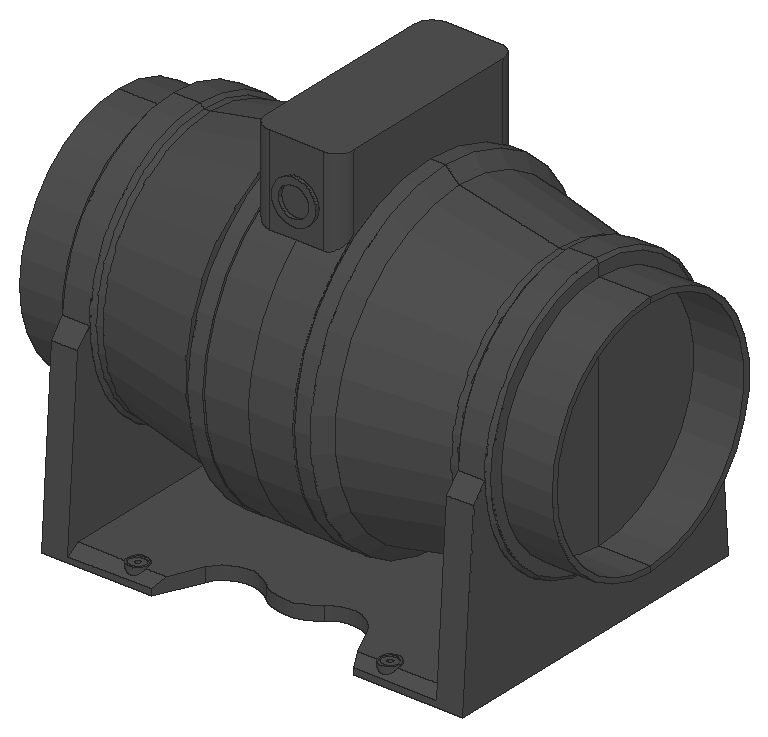
Revit family "Reece_Accessory_Kado_Lux_HiFlow_Inline Exhaust System_Round_Inline Exhaust Fan", category Mechanical Equipment, Revit 2018
Family settings
  Round Connector Dimension = Use Diameter
  Classification = None
  Part Type = Normal
  Work Plane-Based = Yes
  Always vertical = No
  Cut with Voids When Loaded = No
  Shared = Yes
  Room Calculation Point = Yes
Parameters (values of type "270 mm x 270 mm_Matte Black")
  URL = "https://www.reece.com.au/product/-2020367"
  Type Comments = "Accessory"
  Reece_Product_Web Page = "https://www.reece.com.au/product/-2020367"
  Reece_Product_Type = "Accessory"  # constant formula
  Reece_Product_Sub Brand = "Lux"  # constant formula
  Reece_Product_Number = "2020367 (2of3)"
  Reece_Product_Mount = "Ceiling Mounted"  # constant formula
  Reece_Product_Description = "Kado Lux HiFlow Inline Exhaust System Round Matte Black"
  Reece_Product_Brand = "Kado"  # constant formula
  Reece_Overall_Width = 195 mm  # constant formula
  Reece_Overall_Length = 314 mm  # constant formula
  Reece_Overall_Height = 247 mm  # constant formula
  Reece_Mechanical_Max Airflow [instance] = if(Reece_Mechanical_Airflow < Min Flow, Min Flow, if(Reece_Mechanical_Airflow > Max Flow, Max Flow, Reece_Mechanical_Airflow))  # 561.0 m³/h
  Reece_Mechanical_Duct_Diameter = 150 mm  # constant formula
  Reece_Mechanical_Airflow [instance] = 561.0 m³/h
  Reece_Material_Main = Reece_Plastic_ABS_Black
  Reece_Height_From_Level [instance] = 2500 mm
  Reece_Electrical_Voltage_Min = 220 V  # constant formula
  Reece_Electrical_Voltage_Max = 240 V  # constant formula
  Reece_Electrical_Voltage = 240 V  # constant formula
  Reece_Electrical_Frequency = 50 Hz  # constant formula
  Reece_Electrical_Fan Power_Wattage = 50 W  # constant formula
  Reece_Detail_Note = "Electrical input required. Refer to web page for further details."  # constant formula
  Reece_Detail_Installation = "LED Inline Exhaust System"  # constant formula
  Reece_Detail_Connector = "Plug in (Plug & Lead included)"  # constant formula
  Reece_Detail_Additional = "HiFlow"  # constant formula
  Model = "Lux"
  Min Flow = 438.0 m³/h  # constant formula
  Max Flow = 561.0 m³/h  # constant formula
  Manufacturer = "Kado"
  Keynote = "Product #2020367 (2of3), Reece_Accessory_Kado_Lux_HiFlow_Inline Exhaust System_Round_Inline Exhaust Fan - Matte Black"
  Disclaimer = "THIS FILE IS THE PROPERTY OF THE REECE GROUP. IT MAY NOT BE REPRODUCED, REVERSE-ENGINEERED OR MODIFIED. ANY REPUBLICATION, TRANSMISSION OR DISTRIBUTION FOR THE PURPOSE OF COMMERCIALLY EXPLOITING THE FILES IS PROHIBITED."
  Description = "Kado Lux HiFlow Inline Exhaust System Round Matte Black"
  Default Elevation = 0 mm
Types (2, lengths in mm): name | URL | Reece_Product_Web Page | Reece_Product_Number | Reece_Product_Description | Keynote | Description
  270 mm x 270 mm_Matte Black | "https://www.reece.com.au/product/-2020367" | "https://www.reece.com.au/product/-2020367" | "2020367 (2of3)" | "Kado Lux HiFlow Inline Exhaust System Round Matte Black" | "Product #2020367 (2of3), Reece_Accessory_Kado_Lux_HiFlow_Inline Exhaust System_Round_Inline Exhaust Fan - Matte Black" | "Kado Lux HiFlow Inline Exhaust System Round Matte Black"
  270 mm x 270 mm_Matte White | "https://www.reece.com.au/product/-2020368" | "https://www.reece.com.au/product/-2020368" | "2020368 (2of3)" | "Kado Lux HiFlow Inline Exhaust System Round Matte White" | "Product #2020368 (2of3), Reece_Accessory_Kado_Lux_HiFlow_Inline Exhaust System_Round_Inline Exhaust Fan - Matte White" | "Kado Lux HiFlow Inline Exhaust System Round Matte White"
Reference planes
  plane 1 "Center (Front/Back)": y = 0
  plane 2 "Bottom Host Plane": z = 2500
  plane 3 "Center (Left/Right)": x = 0
  plane 4: z = 2747
  plane 5: x = 157
  plane 6: x = -157
  plane 7: x = 126.5
  plane 8: x = -126.5
  plane 9: y = -72.5
  plane 10: y = 72.5
  plane 11: y = 97.5
  plane 12: y = -97.5
  plane 13: z = 2691
  plane 14: z = 2546
  plane 15: z = 0
  plane 16: y = 89
  plane 17: y = -89
Text (mm)
  text "Reece ©" at (2362.359, -1598.326, 4056.127), in view "Reece Preview"
  text "Reece Copyright © 2018, Reece Ltd." at (294.551, -148.536, 0), in view "Ref. Level"
Dimensions and locks
  "Reece_Overall_Height": plane 4 to plane 2 "Bottom Host Plane"
  plane 5 to plane 6 = 314 mm
  plane 7 to plane 8 = 253 mm
  "Reece_Overall_Width": plane 12 to plane 11
  "Reece_Overall_Length": plane 6 to plane 5
  plane 8 to plane 7 = 253 mm
  locked: plane 13 to plane 14 at 145
  "Reece_Height_From_Level": plane 2 "Bottom Host Plane" to level
  nested 1 to nested 1 = 149 mm
  locked: plane 2 "Bottom Host Plane" to plane 14 at 46
  locked: plane 16 to plane 17 at 178
Nested families
  nested 1: "Reece_Inline Exhaust Fan" at (0, 0, 2500), Reece_Material_Main <- "Reece_Material_Main", type "Reece_Inline Exhaust Fan"
    with Reece_Material_Main Reece_Plastic_ABS_Black
Connectors
  hvac at (-126.5, 0, 2618.5), driven by "Reece_Mechanical_Duct_Diameter", driven by "Reece_Mechanical_Max Airflow"
    settings: on nested 1, index 8, duct flow 561.0 m³/h, flow factor 0, pres drop 0.0 Pa, loss coef 0, conn angle 0.00°, conn width 304.8 mm, conn height 304.8 mm, conn diameter 150 mm, duct sys type 3, conn prof type 0, flow config 0, flow direction 1, loss method 0, conn ref index -1, conn util no, is conn primary yes, conn desc "In"
  electrical at (0, -65, 2715.417), driven by "Reece_Electrical_Voltage"
    settings: on nested 1, index 9, voltage 240 V, apparent load 0 VA, apparent load phase1 0 VA, apparent load phase2 0 VA, apparent load phase3 0 VA, power factor 1, load classification "HVAC", number of poles 1, system type 30, power factor state 1, is connector primary yes, connector utility no, sub classification motor no, connector description ""
  hvac at (126.5, 0, 2618.5), driven by "Reece_Mechanical_Duct_Diameter", driven by "Reece_Mechanical_Max Airflow"
    settings: on nested 1, index 10, duct flow 561.0 m³/h, flow factor 0, pres drop 0.0 Pa, loss coef 0, conn angle 0.00°, conn width 304.8 mm, conn height 304.8 mm, conn diameter 150 mm, duct sys type 3, conn prof type 0, flow config 1, flow direction 2, loss method 0, conn ref index -1, conn util no, is conn primary no, conn desc "Out"
Definition of nested family "Reece_Inline Exhaust Fan"
  Parameters (values of type "Reece_Accessory_Kado_Lux_HiFlow_LED Inline Exhaust System_Square_Inline Fan_Nested")
    URL = ""
    Type Comments = ""
    Reece_Material_Main [instance] = none
    Model = ""
    Manufacturer = ""
    Keynote = ""
    Description = ""
    Default Elevation = 0 mm
    Cost = 0
    Assembly Code = ""
  Reference planes
    plane 1 "Center (Front/Back)": y = 0
    plane 2 "Bottom Host Plane": z = 0
    plane 3 "Center (Left/Right)": x = 0
    plane 4: z = 247
    plane 5: x = 157
    plane 6: x = -157
    plane 7: x = 126.5
    plane 8: x = -126.5
    plane 9: y = -72.5
    plane 10: y = 72.5
    plane 11: y = 97.5
    plane 12: y = -97.5
    plane 13: z = 191
    plane 14: z = 46
    plane 15: x = -74.5
    plane 16: x = 74.5
    plane 17: y = 89
    plane 18: y = -89
  Forms (mm)
    Revolve 1, solid, material <- "Reece_Material_Main"
      sketch origin (0, 0, 118.5) x (1, 0, 0) y (0, 0, 1)
        loop
          line (-157, 69.5) -> (-126.5, 69.5) -> (-126.5, 0) -> (126.5, 0) -> (126.5, 69.5) -> (157, 69.5) -> (157, 72.5) -> (126.5, 72.5) -> (126.5, 79.5) -> (124.379, 81.621) -> (108.879, 81.621) -> (106.757, 79.5) -> (102.757, 79.5) -> (44.069, 91.975) -> (36.047, 99.996) -> (26.997, 99.996) -> (26.997, 98.996) -> (25.997, 98.996) -> (25.997, 99.996) -> (0, 99.996) -> (-25.997, 99.996) -> (-25.997, 98.996) -> (-26.997, 98.996) -> (-26.997, 99.996) -> (-36.047, 99.996) -> (-44.069, 91.975) -> (-102.757, 79.5) -> (-106.757, 79.5) -> (-108.879, 81.621) -> (-124.379, 81.621) -> (-126.5, 79.5) -> (-126.5, 72.5) -> (-157, 72.5) -> (-157, 69.5)
        axis (157, 0) -> (-157, 0)
      angle from 0 to 360
    Extrusion 2, solid, material <- "Reece_Material_Main"
      sketch origin (0, 0, 0) x (1, 0, 0) y (0, 1, 0)
        loop
          arc (-15.997, 65) -> (-23.069, 62.071) -> (-25.997, 55) r 10
          line (-25.997, 55) -> (-25.997, -55)
          arc (-25.997, -55) -> (-23.069, -62.071) -> (-15.997, -65) r 10
          line (-15.997, -65) -> (15.997, -65)
          arc (15.997, -65) -> (23.069, -62.071) -> (25.997, -55) r 10
          line (25.997, -55) -> (25.997, 55)
          arc (25.997, 55) -> (23.069, 62.071) -> (15.997, 65) r 10
          line (15.997, 65) -> (-15.997, 65)
      from 150 to 247
    Extrusion 3, solid, material <- "Reece_Material_Main"
      sketch origin (0, 0, 121.875) x (1, 0, 0) y (0, 0, 1)
        loop
          circle (0, 93.542) r 13
        loop
          circle (0, 93.542) r 9
      from 65 to 67
    Extrusion 4, solid, material <- "Reece_Material_Main"
      sketch origin (0, 0, 0) x (0, 1, 0) y (0, 0, -1)
        loop
          line (0, 0) -> (-97.5, 0) -> (-89.904, -108.629) -> (-81.621, -118.5)
          arc (-81.621, -118.5) -> (-57.715, -60.785) -> (0, -36.879) r 81.621
          arc (0, -36.879) -> (57.715, -60.785) -> (81.621, -118.5) r 81.621
          line (81.621, -118.5) -> (89.904, -108.629) -> (97.5, 0) -> (0, 0)
      from 108.879 to 124.379
    Extrusion 5, solid, material <- "Reece_Material_Main"
      sketch origin (0, 0, -115) x (0, 1, 0) y (0, 0, 1)
        loop
          line (-97.5, 115) -> (97.5, 115) -> (97.275, 118.216) -> (90.442, 123) -> (-90.442, 123) -> (-97.275, 118.216) -> (-97.5, 115)
      from -115 to 115
    Extrusion 6, solid, material <- "Reece_Material_Main"
      sketch origin (0, 0, 0) x (0, 1, 0) y (0, 0, 1)
        loop
          line (0, 0) -> (97.5, 0) -> (89.904, 108.629) -> (81.621, 118.5)
          arc (81.621, 118.5) -> (57.715, 60.785) -> (0, 36.879) r 81.621
          arc (0, 36.879) -> (-57.715, 60.785) -> (-81.621, 118.5) r 81.621
          line (-81.621, 118.5) -> (-89.904, 108.629) -> (-97.5, 0) -> (0, 0)
      from 108.879 to 124.379
    Extrusion 7, solid, material <- "Reece_Material_Main"
      sketch origin (0, 0, 0) x (1, 0, 0) y (0, 1, 0)
        loop
          circle (-74.5, 89) r 6
        loop
          circle (74.5, 89) r 6
        loop
          circle (-74.5, -89) r 6
        loop
          circle (74.5, -89) r 6
      from 0 to 9
    Extrusion 8, void
      sketch origin (0, 0, 0) x (1, 0, 0) y (0, 1, 0)
        loop
          arc (-69.5, 89) -> (-74.5, 94.048) -> (-79.5, 89) r 5
          arc (-79.5, 89) -> (-74.5, 84.048) -> (-69.5, 89) r 5
        loop
          arc (79.5, 89) -> (74.5, 94.048) -> (69.5, 89) r 5
          arc (69.5, 89) -> (74.5, 84.048) -> (79.5, 89) r 5
        loop
          arc (-69.5, -89) -> (-74.5, -84.048) -> (-79.5, -89) r 5
          arc (-79.5, -89) -> (-74.5, -94.048) -> (-69.5, -89) r 5
        loop
          arc (79.5, -89) -> (74.5, -84.048) -> (69.5, -89) r 5
          arc (69.5, -89) -> (74.5, -94.048) -> (79.5, -89) r 5
      from 8.5 to 10
    Extrusion 9, void
      sketch origin (0, 0, 0) x (1, 0, 0) y (0, 1, 0)
        loop
          line (-59.605, 97.5) -> (-47.947, 72.5)
          arc (-47.947, 72.5) -> (-34.184, 61.674) -> (-17.304, 66.333) r 19.412
          arc (-17.304, 66.333) -> (0, 73.018) -> (17.304, 66.333) r 25.739
          arc (17.304, 66.333) -> (34.184, 61.674) -> (47.947, 72.5) r 19.412
          line (47.947, 72.5) -> (59.605, 97.5) -> (-59.605, 97.5)
        loop
          line (-59.605, -97.5) -> (59.605, -97.5) -> (47.947, -72.5)
          arc (47.947, -72.5) -> (34.184, -61.674) -> (17.304, -66.333) r 19.412
          arc (17.304, -66.333) -> (0, -73.018) -> (-17.304, -66.333) r 25.739
          arc (-17.304, -66.333) -> (-34.184, -61.674) -> (-47.947, -72.5) r 19.412
          line (-47.947, -72.5) -> (-59.605, -97.5)
      from 0 to 20
    Extrusion 10, void
      sketch origin (0, 0, 0) x (1, 0, 0) y (0, 1, 0)
        loop
          circle (-74.5, 89) r 1.5
        loop
          circle (74.5, 89) r 1.5
        loop
          circle (-74.5, -89) r 1.5
        loop
          circle (74.5, -89) r 1.5
      from 6 to 10
  Cuts and joins
    joined: Revolve 1, Extrusion 2
    Extrusion 10 cuts Extrusion 4
    Extrusion 9, Extrusion 10 cuts Extrusion 5
    Extrusion 10 cuts Extrusion 6
    Extrusion 8, Extrusion 10 cuts Extrusion 7
    joined: Extrusion 4, Extrusion 5, Extrusion 6, Extrusion 7
  Text (mm)
    text "Reece ©" at (2896.565, -2451.276, 2668.971), in view "Reece Preview"
    text "Reece Copyright © 2018, Reece Ltd." at (294.551, -148.536, 0), in view "Ref. Level"
  Dimensions and locks
    locked: plane 4 to plane 2 "Bottom Host Plane" at 247
    plane 5 to plane 6 = 314 mm
    plane 7 to plane 8 = 253 mm
    plane 4 to plane 2 "Bottom Host Plane" = 247 mm
    plane 11 to plane 12 = 195 mm
    plane 10 to plane 9 = 145 mm
    plane 12 to plane 11 = 195 mm
    plane 6 to plane 5 = 314 mm
    plane 8 to plane 7 = 253 mm
    plane 13 to plane 14 = 145 mm
    plane 18 to plane 17 = 178 mm
